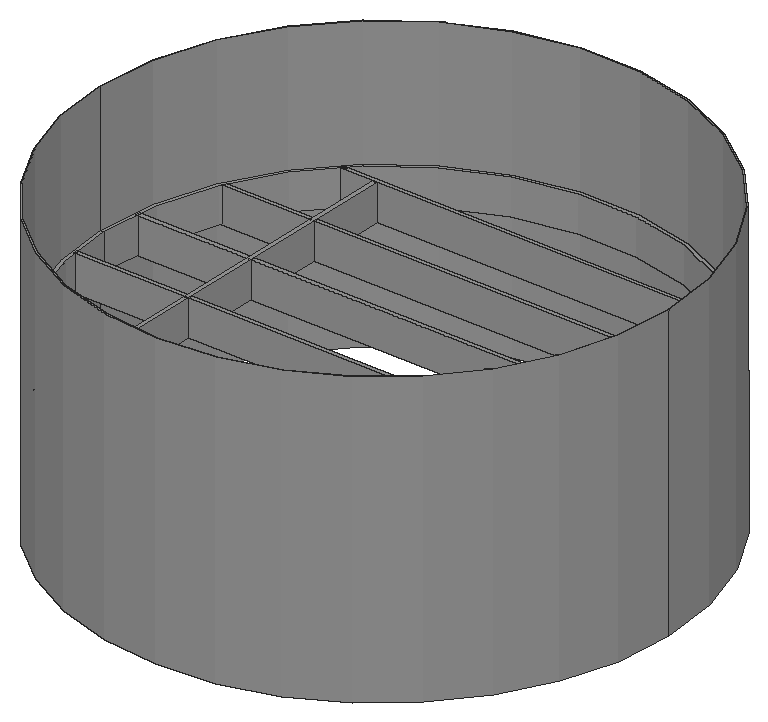
Revit family "DuctAccessories_FireDamper_Kilargo_IFD-O", category Duct Accessories, Revit 2014
Parameters (values of type "IFDO-350R")
  ZoneServed = ""
  WarrantyStartDate = ""
  WarrantyDurationMonths = 0
  URL = "http://www.kilargo.com.au/"
  SystemServed = ""
  StandardsCompliance = ""
  SpigotOn = yes
  SpigotOff = not(SpigotOn)  # no
  Radius [instance] = 350 mm
  QuanitySurveyorElementID = ""
  ProductCode = ""
  PrecommissioningInspectionTestPlan = ""
  OmniClassElementNumber = "23.60.70.11.11"  # constant formula
  OmniClassElementName = "Fire Dampers"  # constant formula
  ModifiedIssue_ANZRS = 20150115.74  # constant formula
  Manufacturer = "kilargo"  # constant formula
  Location = ""
  Installer = ""
  InstallationDate = ""
  InspectionPanelInstalled = yes
  FactoryWitnessTest = ""
  FactoryCertificationTest = ""
  ExpectedServiceLifeYears = 0
  SpigotLength [instance] = 360 mm
  Diameter [instance] = Radius * 2  # 700 mm
  DesignClass = ""
  DepthMin = 44 mm  # constant formula
  DepthMax = 44 mm  # constant formula
  Depth = 44 mm
  DamperMaterial = Galvanized_StainlessSteel
  CreatedByURL_ANZRS = "www.thinkbimmepaus.com.au"
  CreatedBy = "A2K Technologies"  # constant formula
  CommissioningTechnician = ""
  CommissioningInspectionTestReport = ""
  CommissioningDate = ""
  Certification = ""
  BladeThicknessMultiplier [instance] = 5
  Barcode = ""
  AssetIdentifier = ""
  AirFlowMin = 0.0 L/s
  AirFlowMax = 0.0 L/s
Types (15, lengths in mm): name | SpigotOn | SpigotOff | Radius | Diameter
  (no name) | yes | no | 350 | 700
  IFDO-100R | yes | no | 100 | 200
  IFDO-125R | yes | no | 125 | 250
  IFDO-150R | yes | no | 150 | 300
  IFDO-200R | yes | no | 200 | 400
  IFDO-250R | yes | no | 250 | 500
  IFDO-300R | yes | no | 300 | 600
  IFDO-350R | yes | no | 350 | 700
  IFDO-100NS | no | yes | 100 | 200
  IFDO-125NS | no | yes | 125 | 250
  IFDO-150NS | no | yes | 150 | 300
  IFDO-200NS | no | yes | 200 | 400
  IFDO-250NS | no | yes | 250 | 500
  IFDO-300NS | no | yes | 300 | 600
  IFDO-350NS | no | yes | 350 | 700
Reference planes
  plane 1 "Center (Front/Back)": y = 0
  plane 2: z = 0
  plane 3 "Center (Left/Right)": x = 0
  plane 4: z = 180
  plane 5: z = -180
Forms (mm)
  Revolve 1, solid, material "Galvanized_StainlessSteel" <- "DamperMaterial", visible <- "SpigotOn"
    sketch origin (0, 0, -197.568) x (1, 0, 0) y (0, 0, 1)
      loop
        line (350, 377.568) -> (350, 17.568) -> (351, 17.568) -> (351, 377.568) -> (350, 377.568)
      axis (0, 377.568) -> (0, 17.568)
    angle from 0 to 360
  Extrusion 2, solid, material "Galvanized_StainlessSteel" <- "DamperMaterial", detail levels coarse
    sketch origin (0, 0, 0) x (1, 0, 0) y (0, 1, 0)
      loop
        circle (0, 0) r 350
    from -22 to 22
Lines and regions (mm)
  model lines, detail levels coarse
    curve 1: line (247.487, 247.487, 22) -> (-247.487, -247.487, 22)
    curve 2: line (-247.487, 247.487, 22) -> (247.487, -247.487, 22)
Dimensions and locks
  "SpigotLength": plane 4 to plane 5
  equal spacing: plane 4, level, plane 5
  locked: Revolve 1 sketch curve to Revolve 1 sketch curve at 1
  "Radius": Revolve 1 sketch curve to plane 3 "Center (Left/Right)"
  equal spacing: curve 1, curve 1, curve 1
  "Diameter": curve 1 to curve 1
  equal spacing: curve 2, curve 1, curve 2
  "Diameter": curve 2 to curve 2
  locked: curve 2 to plane 3 "Center (Left/Right)" at 0
  "Diameter": diameter of Extrusion 2 sketch curve
  locked: curve 1 to plane 3 "Center (Left/Right)" (angle 45.00°)
  locked: nested 1 to curve 2 (angle 45.00°)
  aligned and locked: level to plane 2
  aligned and locked: Revolve 1 to plane 5
  aligned and locked: Revolve 1 to plane 4
  aligned and locked: Extrusion 2 to nested 1  (x2)
Automatic sketch dimensions
  Revolve 1 sketch curve to plane 3 "Center (Left/Right)" = 0 mm
  Revolve 1 sketch curve to plane 5 = 0 mm
  Revolve 1 sketch curve to plane 4 = 0 mm
  Revolve 1 sketch curve to plane 5 = 106.366 mm
  Revolve 1 sketch curve to level = 83.953 mm
  plane 1 "Center (Front/Back)" to Extrusion 2 sketch curve = 0 mm
  Extrusion 2 sketch curve to plane 3 "Center (Left/Right)" = 0 mm
Nested families
  nested 1: "Family1" at (0, 0, 0), Diameter <- "Diameter", Depth <- "Depth", type "IFDO-100R", detail levels medium+fine
    with Diameter 700 mm, Depth 44 mm, Bladethickness 5 mm, BladeDistance 107.692 mm, BladeArrangement 147.368 mm
Connectors
  hvac at (0, 0, 22), driven by "Diameter"
    settings: on nested 1, index 1, duct flow 0.0 L/s, flow factor 0, pres drop 0.0 Pa, loss coef 0, conn angle 0.00°, conn width 304.8 mm, conn height 304.8 mm, conn diameter 700 mm, duct sys type 4, conn prof type 0, flow config 0, flow direction 0, loss method 0, conn ref index 2, conn util no, is conn primary yes, conn desc ""
  hvac at (0, 0, -22), driven by "Diameter"
    settings: on nested 1, index 2, duct flow 0.0 L/s, flow factor 0, pres drop 0.0 Pa, loss coef 0, conn angle 0.00°, conn width 304.8 mm, conn height 304.8 mm, conn diameter 700 mm, duct sys type 4, conn prof type 0, flow config 0, flow direction 0, loss method 0, conn ref index 1, conn util no, is conn primary no, conn desc ""
Definition of nested family "Family1"
  Parameters (values of type "IFDO-100R")
    Material = Galvanized_StainlessSteel
    Diameter [instance] = 650 mm
    Depth [instance] = 44 mm
    Bladethickness [instance] = if(Diameter < 100 mm, 5 mm, if(Diameter < 200 mm, 2.5 mm, 5 mm))  # 5 mm
    BladeDistance [instance] = Diameter / 6.5  # 100 mm
    BladeArrangement [instance] = Diameter / 4.75  # 136.842 mm
  Reference planes
    plane 1 "Center (Front/Back)": y = 0
    plane 2: z = 0
    plane 3 "Center (Left/Right)": x = 0
    plane 4: z = 22
    plane 5: z = -22
    plane 6: x = -325
    plane 7: x = 325
    plane 8: y = 325
    plane 9: y = -325
    plane 10: y = 225
    plane 11: y = 135
    plane 12: y = 45
    plane 13: y = -45
    plane 14: y = -135
    plane 15: y = -225
    plane 16: x = -188.158
    plane 17: x = 188.158
    plane 18: x = 0
  Forms (mm)
    Revolve 1, solid, material "Galvanized_StainlessSteel" <- "Material"
      sketch origin (0, 0, 0) x (1, 0, 0) y (0, 0, 1)
        loop
          line (-320, 22) -> (-325, 22) -> (-325, -22) -> (-320, -22) -> (-320, 22)
        axis (0, -22) -> (0, 22)
      angle from 0 to 360
    Extrusion 2, solid, material "Galvanized_StainlessSteel" <- "Material"
      sketch origin (0, 0, 0) x (1, 0, 0) y (0, 1, 0)
        loop
          arc (-225.042, 227.5) -> (-227.528, 225.014) -> (-229.986, 222.5) r 320
          line (-229.986, 222.5) -> (229.986, 222.5)
          arc (229.986, 222.5) -> (227.528, 225.014) -> (225.042, 227.5) r 320
          line (225.042, 227.5) -> (-225.042, 227.5)
        loop
          arc (-288.953, 137.5) -> (-290.127, 135.005) -> (-291.28, 132.5) r 320
          line (-291.28, 132.5) -> (291.28, 132.5)
          arc (291.28, 132.5) -> (290.127, 135.005) -> (288.953, 137.5) r 320
          line (288.953, 137.5) -> (-288.953, 137.5)
        loop
          arc (-316.455, 47.5) -> (-316.82, 45.001) -> (-317.165, 42.5) r 320
          line (-317.165, 42.5) -> (317.165, 42.5)
          arc (317.165, 42.5) -> (316.82, 45.001) -> (316.455, 47.5) r 320
          line (316.455, 47.5) -> (-316.455, 47.5)
        loop
          arc (-317.165, -42.5) -> (-316.82, -45.001) -> (-316.455, -47.5) r 320
          line (-316.455, -47.5) -> (316.455, -47.5)
          arc (316.455, -47.5) -> (316.82, -45.001) -> (317.165, -42.5) r 320
          line (317.165, -42.5) -> (-317.165, -42.5)
        loop
          arc (-291.28, -132.5) -> (-290.127, -135.005) -> (-288.953, -137.5) r 320
          line (-288.953, -137.5) -> (288.953, -137.5)
          arc (288.953, -137.5) -> (290.127, -135.005) -> (291.28, -132.5) r 320
          line (291.28, -132.5) -> (-291.28, -132.5)
        loop
          arc (-229.986, -222.5) -> (-227.528, -225.014) -> (-225.042, -227.5) r 320
          line (-225.042, -227.5) -> (225.042, -227.5)
          arc (225.042, -227.5) -> (227.528, -225.014) -> (229.986, -222.5) r 320
          line (229.986, -222.5) -> (-229.986, -222.5)
      from -22 to 22
    Extrusion 3, solid, material "Galvanized_StainlessSteel" <- "Material"
      sketch origin (3.625, 0, 0) x (1, 0, 0) y (0, 1, 0)
        loop
          line (187.033, 222.5) -> (182.033, 222.5) -> (182.033, -222.5) -> (187.033, -222.5) -> (187.033, 222.5)
      from -22 to 22
    Extrusion 4, solid, material "Galvanized_StainlessSteel" <- "Material"
      sketch origin (-3.625, 0, 0) x (-1, 0, 0) y (0, -1, 0)
        loop
          line (187.033, -222.5) -> (187.033, 222.5) -> (182.033, 222.5) -> (182.033, -222.5) -> (187.033, -222.5)
      from -22 to 22
  Dimensions and locks
    equal spacing: plane 5, level, plane 4
    "Depth": plane 5 to plane 4
    equal spacing: plane 7, plane 3 "Center (Left/Right)", plane 6
    "Diameter": plane 7 to plane 6
    "Diameter": plane 8 to plane 9
    equal spacing: plane 8, plane 1 "Center (Front/Back)", plane 9
    equal spacing: plane 10, plane 11, plane 12, plane 13, plane 14, plane 15
    equal spacing: Extrusion 2, plane 11, Extrusion 2
    "Bladethickness": Extrusion 2 to Extrusion 2  (x6)
    "BladeDistance": plane 8 to plane 10
    "BladeDistance": plane 15 to plane 9
    equal spacing: Extrusion 2, plane 10, Extrusion 2
    equal spacing: Extrusion 2, plane 12, Extrusion 2
    equal spacing: Extrusion 2, plane 13, Extrusion 2
    equal spacing: Extrusion 2, plane 14, Extrusion 2
    equal spacing: Extrusion 2, plane 15, Extrusion 2
    equal spacing: Extrusion 3, plane 17, Extrusion 3
    "Bladethickness": Extrusion 3 to Extrusion 3
    equal spacing: Extrusion 4, plane 16, Extrusion 4
    "Bladethickness": Extrusion 4 to Extrusion 4
    "BladeArrangement": plane 17 to plane 7
    "BladeArrangement": plane 6 to plane 16
    radius of Extrusion 2 sketch curve = 320 mm
    aligned and locked: level to plane 2
    aligned and locked: Revolve 1 to plane 4
    aligned and locked: Revolve 1 to plane 5
    aligned and locked: plane 6 to Revolve 1 sketch curve
    aligned and locked: plane 4 to Revolve 1 sketch curve
    aligned and locked: Revolve 1 sketch curve to plane 5
    aligned and locked: Extrusion 2 to Revolve 1  (x2)
    aligned and locked: Extrusion 2 to Extrusion 3 sketch curve
    aligned and locked: Extrusion 3 sketch curve to Extrusion 2
    aligned and locked: Extrusion 3 to Revolve 1
    aligned and locked: Revolve 1 to Extrusion 3
    aligned and locked: Extrusion 2 sketch curve to Revolve 1  (x12)
    aligned and locked: Extrusion 4 to Extrusion 2  (x2)
    aligned and locked: Extrusion 3 to Extrusion 2
  Automatic sketch dimensions
    Revolve 1 sketch curve to plane 3 "Center (Left/Right)" = 0 mm
    plane 6 to Revolve 1 sketch curve = 5 mm
    plane 5 to Revolve 1 sketch curve = 338.835 mm
    Revolve 1 sketch curve to plane 4 = 1576.845 mm
    Extrusion 2 sketch curve to plane 15 = 2.5 mm
    plane 10 to Extrusion 2 sketch curve = 2.5 mm
    plane 15 to Extrusion 2 sketch curve = 2.5 mm
    Extrusion 2 sketch curve to plane 10 = 2.5 mm
    plane 11 to Extrusion 2 sketch curve = 2.5 mm
    Extrusion 2 sketch curve to plane 14 = 2.5 mm
    plane 14 to Extrusion 2 sketch curve = 2.5 mm
    Extrusion 2 sketch curve to plane 11 = 2.5 mm
    plane 12 to Extrusion 2 sketch curve = 2.5 mm
    Extrusion 2 sketch curve to plane 13 = 2.5 mm
    Extrusion 2 sketch curve to plane 12 = 2.5 mm
    plane 13 to Extrusion 2 sketch curve = 2.5 mm
    Extrusion 3 sketch curve to plane 17 = 2.5 mm
    plane 17 to Extrusion 3 sketch curve = 2.5 mm
    Extrusion 4 sketch curve to plane 16 = 2.5 mm
    plane 16 to Extrusion 4 sketch curve = 2.5 mm
    Extrusion 4 sketch curve to plane 15 = 2.5 mm
    plane 10 to Extrusion 4 sketch curve = 2.5 mm
